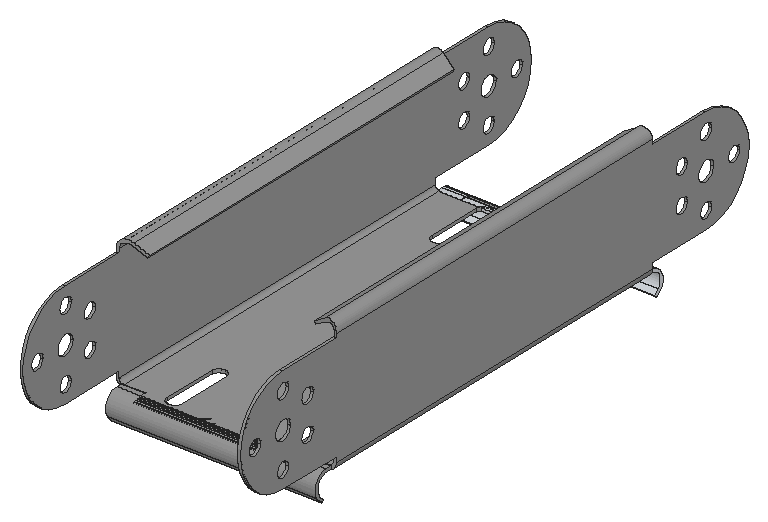
Revit family "Gelenkbogen-Element RGBEV 610FT", category Generic Models, Revit 2017
Family settings
  Can host rebar = No
  Round Connector Dimension = Use Diameter
  Part Type = Normal
  Work Plane-Based = No
  Always vertical = Yes
  Cut with Voids When Loaded = No
  Shared = No
  Room Calculation Point = No
Parameters (values of type "RGBEV 610 FT")
  URL = "http://www.obo-bettermann.com"
  Material = Hot dip galvanised
  Manufacturer Art.No. = "7075103"
  Manufacturer = "OBO BETTERMANN"
  GTIN = "4012196228072"
  Article Type = "RGBEV 610 FT"
Reference planes
  plane 1 "Center (Front/Back)": y = 0
  plane 2: z = 0
  plane 3 "Center (Left/Right)": x = 0
  plane 4: x = -37.5
  plane 5: x = 37.5
  plane 6: y = 288
  plane 7: z = 30
  plane 8: z = 60
  plane 9: y = 54.5
  plane 10: y = 144
  plane 11: z = 6
  plane 12: z = 54
  plane 13: y = 24
  plane 14: z = 2.735
  plane 15: y = 144
  plane 16: z = 30
  plane 17: z = 60
  plane 18: y = 233.5
  plane 19: y = 144
  plane 20: z = 6
  plane 21: z = 54
  plane 22: y = 264
  plane 23: z = 2.735
  plane 24: y = 54.728
  plane 25: y = 233.5
  plane 26: y = 253.1
  plane 27: y = 34.9
  plane 28: x = -36.771
  plane 29: x = 47.5
  plane 30: z = -11.2
  plane 31: y = 242.5
  plane 32: y = 45.5
  plane 33: z = -11.2
  plane 34: z = -11.2
  plane 35: y = 45.5
  plane 36: y = 242.5
  plane 37: z = -11.2
  plane 38: x = -25
  plane 39: x = 25
  plane 40: y = 69
  plane 41: y = 81.5
  plane 42: y = 56.5
  plane 43: y = 81.5
  plane 44: y = 56.5
  plane 45: y = 206.5
  plane 46: y = 231.5
  plane 47: y = 206.5
  plane 48: y = 231.5
  plane 49: z = 30
  plane 50: y = 24
  plane 51: y = 261.965
  plane 52: z = 30
  plane 53: y = 264
  plane 54: y = 26.035
  plane 55: z = 30
  plane 56: y = 24
  plane 57: z = 30
  plane 58: y = 264
Forms (mm)
  Extrusion 1, solid, material "Hot dip galvanised" <- "Material"
    sketch origin (0, 0, 0) x (1, 0, 0) y (0, 0, 1)
      loop
        line (-48.7, 3.3) -> (-48.7, 56)
        arc (-48.7, 56) -> (-47.183, 58.427) -> (-44.337, 58.127) r 2.7
        line (-44.337, 58.127) -> (-38.189, 54.285) -> (-37.5, 55.388) -> (-43.596, 59.197)
        arc (-43.596, 59.197) -> (-47.787, 59.579) -> (-50, 56) r 4
        line (-50, 56) -> (-50, 3.3)
        arc (-50, 3.3) -> (-49.033, 0.967) -> (-46.7, 0) r 3.3
        line (-46.7, 0) -> (46.7, 0)
        arc (46.7, 0) -> (49.033, 0.967) -> (50, 3.3) r 3.3
        line (50, 3.3) -> (50, 56)
        arc (50, 56) -> (47.908, 59.515) -> (43.821, 59.354) r 4
        line (43.821, 59.354) -> (37.5, 55.248) -> (38.208, 54.158) -> (44.529, 58.264)
        arc (44.529, 58.264) -> (47.288, 58.373) -> (48.7, 56) r 2.7
        line (48.7, 56) -> (48.7, 3.3)
        arc (48.7, 3.3) -> (48.114, 1.886) -> (46.7, 1.3) r 2
        line (46.7, 1.3) -> (-46.7, 1.3)
        arc (-46.7, 1.3) -> (-48.114, 1.886) -> (-48.7, 3.3) r 2
    from 0 to -288
  Extrusion 2, void
    sketch origin (0, 0, 0) x (0, 1, 0) y (0, 0, 1)
      loop
        line (24, 54) -> (54.474, 54) -> (54.474, 60) -> (-0.967, 60) -> (-0.967, 0) -> (54.5, 0) -> (54.5, 6) -> (24, 6)
        arc (24, 6) -> (0, 30) -> (24, 54) r 24
    from 37.165 to 50
  Extrusion 3, void
    sketch origin (0, 0, 0) x (1, 0, 0) y (0, 1, 0)
      loop
        line (37.5, 57.824) -> (37.5, 54.5) -> (50, 54.5) -> (37.5, 57.824)
    from 49.366 to 60
  Extrusion 4, void
    sketch origin (0, 0, 0) x (0, 1, 0) y (0, 0, 1)
      loop
        line (54.5, 0) -> (54.5, 6) -> (24, 6)
        arc (24, 6) -> (0, 30) -> (24, 54) r 24
        line (24, 54) -> (54.474, 54) -> (54.474, 60.117) -> (-1.44, 60.117) -> (-1.44, 0) -> (54.5, 0)
    from -36.771 to -50
  Extrusion 5, void
    sketch origin (0, 0, 0) x (1, 0, 0) y (0, 1, 0)
      loop
        line (-50, 54.5) -> (-37.5, 54.5) -> (-37.5, 57.849) -> (-50, 54.5)
    from 60 to 49.543
  Extrusion 6, void
    sketch origin (0, 288, 0) x (0, -1, 0) y (0, 0, -1)
      loop
        arc (24, -54) -> (0, -30) -> (24, -6) r 24
        line (24, -6) -> (54.5, -6) -> (54.5, 0) -> (-0.967, 0) -> (-0.967, -60) -> (54.474, -60) -> (54.474, -54) -> (24, -54)
    from 37.165 to 50
  Extrusion 7, void
    sketch origin (0, 288, 0) x (0, -1, 0) y (0, 0, -1)
      loop
        line (54.5, 0) -> (-1.44, 0) -> (-1.44, -60.117) -> (54.474, -60.117) -> (54.474, -54) -> (24, -54)
        arc (24, -54) -> (0, -30) -> (24, -6) r 24
        line (24, -6) -> (54.5, -6) -> (54.5, 0)
    from -36.771 to -50
  Extrusion 8, void
    sketch origin (0, 0, 0) x (1, 0, 0) y (0, 1, 0)
      loop
        line (-50, 233.5) -> (-37.5, 230.151) -> (-37.5, 233.5) -> (-50, 233.5)
    from 60 to 49.366
  Extrusion 9, void
    sketch origin (0, 0, 0) x (1, 0, 0) y (0, 1, 0)
      loop
        line (-36.771, 253.1) -> (37.165, 253.1) -> (37.165, 288) -> (-36.771, 288) -> (-36.771, 253.1)
      loop
        line (-36.771, 34.9) -> (-36.771, 0) -> (37.165, 0) -> (37.165, 34.9) -> (-36.771, 34.9)
    from 1.3 to 0
  Extrusion 10, solid
    sketch origin (0, 0, 0) x (-1, 0, 0) y (0, -1, 0)
      loop
        line (36.771, -253.1) -> (47.5, -253.1) -> (47.5, -233.5) -> (36.771, -233.5) -> (36.771, -253.1)
    from 1.3 to 0
  Extrusion 11, solid
    sketch origin (0, 0, 0) x (0, 1, 0) y (0, 0, 1)
      loop
        line (233.5, 0) -> (235.957, 0)
        arc (235.957, 0) -> (240.602, -2.811) -> (240.266, -8.23) r 5.243
        line (240.266, -8.23) -> (238.205, -10.291) -> (239.076, -11.162) -> (241.468, -8.77)
        arc (241.468, -8.77) -> (241.696, -2.102) -> (235.957, 1.3) r 6.543
        line (235.957, 1.3) -> (233.5, 1.3) -> (233.5, 0)
    from 47.5 to -47.5
  Extrusion 12, void
    sketch origin (0, 0, 0) x (0, 1, 0) y (0, 0, 1)
      loop
        arc (235.957, 1.3) -> (238.019, 0.967) -> (239.871, 0) r 6.543
        line (239.871, 0) -> (253.1, 0) -> (253.1, 1.3) -> (235.957, 1.3)
    from 47.5 to -47.5
  Extrusion 13, void
    sketch origin (0, 288, 0) x (0, -1, 0) y (0, 0, -1)
      loop
        line (235.957, -1.3) -> (253.1, -1.3) -> (253.1, 0) -> (239.871, 0)
        arc (239.871, 0) -> (238.019, -0.967) -> (235.957, -1.3) r 6.543
    from 47.5 to -47.5
  Extrusion 14, solid, material "Hot dip galvanised" <- "Material"
    sketch origin (0, 288, 0) x (0, -1, 0) y (0, 0, -1)
      loop
        line (233.5, 0) -> (233.5, -1.3) -> (235.957, -1.3)
        arc (235.957, -1.3) -> (241.696, 2.102) -> (241.468, 8.77) r 6.543
        line (241.468, 8.77) -> (239.076, 11.162) -> (238.205, 10.291) -> (240.266, 8.23)
        arc (240.266, 8.23) -> (240.602, 2.811) -> (235.957, 0) r 5.243
        line (235.957, 0) -> (233.5, 0)
    from 47.5 to -47.5
  Extrusion 15, void
    sketch origin (0, 0, 0) x (1, 0, 0) y (0, 1, 0)
      loop
        arc (21.5, 56.5) -> (25, 53) -> (28.5, 56.5) r 3.5
        line (28.5, 56.5) -> (28.5, 81.5)
        arc (28.5, 81.5) -> (25, 85) -> (21.5, 81.5) r 3.5
        line (21.5, 81.5) -> (21.5, 56.5)
    from 1.3 to 0
  Extrusion 16, void
    sketch origin (0, 0, 0) x (-1, 0, 0) y (0, -1, 0)
      loop
        line (21.5, -56.5) -> (21.5, -81.5)
        arc (21.5, -81.5) -> (25, -85) -> (28.5, -81.5) r 3.5
        line (28.5, -81.5) -> (28.5, -56.5)
        arc (28.5, -56.5) -> (25, -53) -> (21.5, -56.5) r 3.5
    from 1.3 to 0
  Extrusion 17, void
    sketch origin (0, 288, 0) x (1, 0, 0) y (0, 1, 0)
      loop
        line (21.5, -56.5) -> (21.5, -81.5)
        arc (21.5, -81.5) -> (25, -85) -> (28.5, -81.5) r 3.5
        line (28.5, -81.5) -> (28.5, -56.5)
        arc (28.5, -56.5) -> (25, -53) -> (21.5, -56.5) r 3.5
    from 1.3 to 0
  Extrusion 18, void
    sketch origin (0, 288, 0) x (-1, 0, 0) y (0, -1, 0)
      loop
        arc (21.5, 56.5) -> (25, 53) -> (28.5, 56.5) r 3.5
        line (28.5, 56.5) -> (28.5, 81.5)
        arc (28.5, 81.5) -> (25, 85) -> (21.5, 81.5) r 3.5
        line (21.5, 81.5) -> (21.5, 56.5)
    from 1.3 to 0
  Extrusion 19, void
    sketch origin (0, 0, 0) x (0, 1, 0) y (0, 0, 1)
      loop
        circle (24, 30) r 4.5
      loop
        circle (24, 46) r 3.5
      loop
        circle (24, 14) r 3.495
      loop
        circle (8, 30) r 3.458
      loop
        circle (37.856, 38) r 3.482
      loop
        circle (37.856, 22) r 3.457
    from -48.7 to -50
  Extrusion 20, void
    sketch origin (0, 288, 0) x (0, -1, 0) y (0, 0, -1)
      loop
        circle (24, -30) r 4.5
      loop
        circle (24, -46) r 3.5
      loop
        circle (24, -14) r 3.495
      loop
        circle (8, -30) r 3.458
      loop
        circle (37.856, -38) r 3.482
      loop
        circle (37.856, -22) r 3.457
    from -48.7 to -50
  Extrusion 21, void
    sketch origin (0, 0, 0) x (0, 1, 0) y (0, 0, 1)
      loop
        circle (24, 30) r 4.5
      loop
        circle (24, 45.994) r 3.537
      loop
        circle (8.006, 30) r 3.467
      loop
        circle (24, 14.006) r 3.464
      loop
        circle (37.851, 37.997) r 3.5
      loop
        circle (37.851, 22.003) r 3.45
    from 48.7 to 50
  Extrusion 22, void
    sketch origin (0, 288, 0) x (0, -1, 0) y (0, 0, -1)
      loop
        circle (24, -30) r 4.5
      loop
        circle (24, -45.994) r 3.537
      loop
        circle (8.006, -30) r 3.467
      loop
        circle (24, -14.006) r 3.464
      loop
        circle (37.851, -37.997) r 3.5
      loop
        circle (37.851, -22.003) r 3.45
    from 48.7 to 50
Cuts and joins
  Extrusion 2, Extrusion 3, Extrusion 4, Extrusion 5, Extrusion 6, Extrusion 7, Extrusion 8, Extrusion 9, Extrusion 12, Extrusion 13, Extrusion 15, Extrusion 16, Extrusion 17, Extrusion 18, Extrusion 19, Extrusion 20, Extrusion 21, Extrusion 22 cuts Extrusion 1
  Extrusion 12, Extrusion 13 cuts Extrusion 10
  Extrusion 12, Extrusion 13 cuts Extrusion 11
  Extrusion 15, Extrusion 16, Extrusion 17, Extrusion 18 cuts Extrusion 14
Dimensions and locks
  locked: plane 4 to Extrusion 1 sketch curve at 12.5
  locked: Extrusion 1 sketch curve to plane 5 at 12.5
  locked: Extrusion 1 sketch curve to Extrusion 1 sketch curve at 60  (x2)
  locked: Extrusion 1 sketch curve to Extrusion 1 sketch curve at 12.5  (x2)
  locked: Extrusion 1 sketch curve to Extrusion 1 sketch curve at 1.3  (x5)
  locked: plane 1 "Center (Front/Back)" to plane 6 at 288
  locked: plane 8 to level at 60
  locked: plane 8 to plane 7 at 30
  locked: plane 1 "Center (Front/Back)" to plane 10 at 144
  locked: plane 12 to plane 7 at 24
  locked: plane 1 "Center (Front/Back)" to plane 15 at 144
  locked: plane 17 to plane 16 at 30
  locked: plane 21 to plane 16 at 24
  plane 24 to plane 25 = 178.772 mm
  locked: plane 15 to plane 27 at 109.1
  locked: plane 26 to plane 15 at 109.1
  locked: plane 3 "Center (Left/Right)" to plane 29 at 47.5
  locked: plane 15 to plane 31 at 98.5
  locked: plane 32 to plane 15 at 98.5
  locked: cut or joined group 1 (Extrusion 1, Extrusion 2, Extrusion 3, Extrusion 4, Extrusion 5, Extrusion 6, Extrusion 7, Extrusion 8, Extrusion 9, Extrusion 12, Extrusion 13, Extrusion 15, Extrusion 16, Extrusion 17, Extrusion 18, Extrusion 19, Extrusion 20, Extrusion 21, Extrusion 22) to Extrusion 11 sketch curve at 9
  locked: Extrusion 11 sketch curve to Extrusion 11 sketch curve at 1.232
  locked: Extrusion 14 sketch curve to Extrusion 14 sketch curve at 1.232
  locked: plane 15 to plane 40 at 75
  locked: Extrusion 15 sketch curve to Extrusion 15 sketch curve at 7
  locked: Extrusion 15 sketch curve to plane 39 at 3.5
  locked: Extrusion 16 sketch curve to Extrusion 16 sketch curve at 7
  locked: Extrusion 17 sketch curve to Extrusion 17 sketch curve at 7
  locked: Extrusion 18 sketch curve to Extrusion 18 sketch curve at 7
  locked: plane 49 to cut or joined group 1 at 24
  locked: plane 50 to plane 15 at 120
  locked: plane 50 to Extrusion 19 sketch curve at 0
  plane 50 to Extrusion 19 sketch curve = 4.5 mm
  locked: plane 53 to Extrusion 20 sketch curve at 0
  plane 53 to Extrusion 20 sketch curve = 4.5 mm
  locked: plane 55 to cut or joined group 1 at 24
  locked: plane 56 to plane 15 at 120
  aligned and locked: level to plane 2
  aligned and locked: Extrusion 1 to level
  aligned and locked: plane 6 to Extrusion 1
  aligned and locked: plane 1 "Center (Front/Back)" to Extrusion 1
  aligned and locked: plane 12 to Extrusion 2 sketch curve
  aligned and locked: Extrusion 2 sketch curve to plane 8
  aligned and locked: Extrusion 3 to Extrusion 2
  aligned and locked: Extrusion 4 sketch curve to level
  aligned and locked: Extrusion 4 to Extrusion 1
  aligned and locked: plane 21 to Extrusion 6 sketch curve
  aligned and locked: Extrusion 6 sketch curve to plane 17
  aligned and locked: Extrusion 8 sketch curve to cut or joined group 1
  aligned and locked: Extrusion 2 to Extrusion 8
  aligned and locked: Extrusion 8 to Extrusion 3
  aligned and locked: Extrusion 1 to Extrusion 9
  aligned and locked: Extrusion 9 to level
  aligned and locked: plane 28 to Extrusion 10 sketch curve
  aligned and locked: Extrusion 10 sketch curve to plane 25
  aligned and locked: plane 26 to Extrusion 10 sketch curve
  aligned and locked: Extrusion 1 to Extrusion 15
  aligned and locked: Extrusion 15 to level
  aligned and locked: Extrusion 1 to Extrusion 19  (x2)
  aligned and locked: Extrusion 1 to Extrusion 21  (x2)
Automatic sketch dimensions
  Extrusion 1 sketch curve to Extrusion 1 sketch curve = 0 mm  (x8)
  Extrusion 1 sketch curve to level = 0 mm
  Extrusion 1 sketch curve to Extrusion 1 sketch curve = 2 mm
  Extrusion 1 sketch curve to Extrusion 1 sketch curve = 2.7 mm
  Extrusion 1 sketch curve to Extrusion 1 sketch curve = 1.663 mm
  level to Extrusion 1 sketch curve = 59.197 mm
  plane 5 to Extrusion 1 sketch curve = 0.708 mm
  Extrusion 1 sketch curve to plane 29 = 3.679 mm
  Extrusion 1 sketch curve to Extrusion 1 sketch curve = 0.708 mm
  Extrusion 1 sketch curve to plane 29 = 1.5 mm
  Extrusion 1 sketch curve to plane 29 = 0.8 mm
  Extrusion 2 sketch curve to level = 0 mm
  plane 11 to Extrusion 2 sketch curve = 0 mm
  Extrusion 2 sketch curve to plane 13 = 0 mm
  Extrusion 2 sketch curve to plane 9 = 0 mm
  plane 1 "Center (Front/Back)" to Extrusion 2 sketch curve = 0.967 mm
  Extrusion 2 sketch curve to plane 9 = 0.026 mm
  Extrusion 3 sketch curve to plane 24 = 0.228 mm
  Extrusion 3 sketch curve to plane 29 = 10 mm
  plane 29 to Extrusion 3 sketch curve = 2.5 mm
  plane 24 to Extrusion 3 sketch curve = 3.096 mm
  plane 1 "Center (Front/Back)" to Extrusion 4 sketch curve = 1.44 mm
  Extrusion 4 sketch curve to plane 27 = 10.9 mm
  Extrusion 4 sketch curve to plane 24 = 0.253 mm
  Extrusion 4 sketch curve to plane 24 = 0.228 mm
  level to Extrusion 4 sketch curve = 6 mm
  Extrusion 4 sketch curve to Extrusion 4 sketch curve = 24 mm
  Extrusion 4 sketch curve to Extrusion 4 sketch curve = 6.117 mm
  Extrusion 5 sketch curve to plane 24 = 0.228 mm
  Extrusion 5 sketch curve to plane 28 = 13.229 mm
  Extrusion 5 sketch curve to plane 28 = 0.729 mm
  plane 24 to Extrusion 5 sketch curve = 3.122 mm
  Extrusion 6 sketch curve to level = 0 mm
  Extrusion 6 sketch curve to plane 20 = 0 mm
  Extrusion 6 sketch curve to plane 22 = 0 mm
  Extrusion 6 sketch curve to plane 18 = 0 mm
  Extrusion 6 sketch curve to plane 6 = 0.967 mm
  plane 18 to Extrusion 6 sketch curve = 0.026 mm
  Extrusion 7 sketch curve to level = 0 mm
  Extrusion 7 sketch curve to plane 25 = 0 mm
  Extrusion 7 sketch curve to plane 25 = 0.026 mm
  Extrusion 7 sketch curve to level = 6 mm
  Extrusion 7 sketch curve to plane 26 = 10.9 mm
  Extrusion 7 sketch curve to plane 6 = 1.44 mm
  Extrusion 7 sketch curve to Extrusion 7 sketch curve = 24 mm
  Extrusion 7 sketch curve to Extrusion 7 sketch curve = 6.117 mm
  Extrusion 8 sketch curve to plane 28 = 13.229 mm
  Extrusion 8 sketch curve to plane 28 = 0.729 mm
  Extrusion 8 sketch curve to plane 25 = 3.349 mm
  Extrusion 9 sketch curve to plane 26 = 0 mm
  Extrusion 9 sketch curve to plane 28 = 0 mm  (x2)
  plane 1 "Center (Front/Back)" to Extrusion 9 sketch curve = 0 mm
  Extrusion 9 sketch curve to plane 27 = 0 mm
  Extrusion 9 sketch curve to plane 6 = 0 mm
  Extrusion 9 sketch curve to plane 29 = 10.335 mm  (x2)
  plane 28 to Extrusion 10 sketch curve = 10.729 mm
  Extrusion 11 sketch curve to Extrusion 11 sketch curve = 0 mm  (x2)
  Extrusion 11 sketch curve to plane 25 = 0 mm
  Extrusion 11 sketch curve to level = 0 mm
  Extrusion 11 sketch curve to Extrusion 11 sketch curve = 2.457 mm
  plane 30 to Extrusion 11 sketch curve = 0.909 mm
  plane 25 to Extrusion 11 sketch curve = 4.705 mm
  plane 30 to Extrusion 11 sketch curve = 0.038 mm
  Extrusion 11 sketch curve to plane 31 = 2.234 mm
  Extrusion 12 sketch curve to level = 0 mm
  Extrusion 12 sketch curve to plane 26 = 0 mm
  plane 25 to Extrusion 12 sketch curve = 6.371 mm
  plane 25 to Extrusion 12 sketch curve = 2.457 mm
  Extrusion 12 sketch curve to level = 5.243 mm
  Extrusion 13 sketch curve to level = 0 mm
  Extrusion 13 sketch curve to plane 27 = 0 mm
  plane 24 to Extrusion 13 sketch curve = 6.599 mm
  plane 24 to Extrusion 13 sketch curve = 2.685 mm
  level to Extrusion 13 sketch curve = 5.243 mm
  Extrusion 14 sketch curve to Extrusion 14 sketch curve = 0 mm  (x2)
  Extrusion 14 sketch curve to level = 0 mm
  plane 24 to Extrusion 14 sketch curve = 0.228 mm
  Extrusion 14 sketch curve to Extrusion 14 sketch curve = 2.457 mm
  Extrusion 14 sketch curve to plane 34 = 0.909 mm
  plane 24 to Extrusion 14 sketch curve = 4.933 mm
  Extrusion 14 sketch curve to plane 34 = 0.038 mm
  plane 35 to Extrusion 14 sketch curve = 2.234 mm
  plane 35 to Extrusion 14 sketch curve = 1.032 mm
  Extrusion 15 sketch curve to plane 42 = 0 mm
  plane 41 to Extrusion 15 sketch curve = 0 mm
  Extrusion 16 sketch curve to plane 44 = 0 mm
  Extrusion 16 sketch curve to plane 43 = 0 mm
  Extrusion 16 sketch curve to plane 38 = 0 mm
  plane 46 to Extrusion 17 sketch curve = 0 mm
  plane 45 to Extrusion 17 sketch curve = 0 mm
  Extrusion 17 sketch curve to plane 39 = 0 mm
  plane 48 to Extrusion 18 sketch curve = 0 mm
  plane 47 to Extrusion 18 sketch curve = 0 mm
  Extrusion 18 sketch curve to plane 38 = 0 mm
  Extrusion 19 sketch curve to plane 49 = 0 mm  (x2)
  Extrusion 19 sketch curve to plane 50 = 0 mm  (x2)
  Extrusion 19 sketch curve to plane 1 "Center (Front/Back)" = 8 mm
  plane 27 to Extrusion 19 sketch curve = 2.956 mm  (x2)
  Extrusion 19 sketch curve to plane 49 = 8 mm
  level to Extrusion 19 sketch curve = 14 mm
  plane 49 to Extrusion 19 sketch curve = 8 mm
  Extrusion 19 sketch curve to Extrusion 19 sketch curve = 16 mm
  Extrusion 20 sketch curve to plane 52 = 0 mm  (x2)
  Extrusion 20 sketch curve to plane 53 = 0 mm  (x2)
  plane 6 to Extrusion 20 sketch curve = 8 mm
  plane 26 to Extrusion 20 sketch curve = 2.956 mm  (x2)
  plane 52 to Extrusion 20 sketch curve = 8 mm
  Extrusion 20 sketch curve to level = 14 mm
  Extrusion 20 sketch curve to plane 52 = 8 mm
  Extrusion 20 sketch curve to Extrusion 20 sketch curve = 16 mm
  Extrusion 21 sketch curve to plane 55 = 0 mm  (x2)
  Extrusion 21 sketch curve to plane 56 = 0 mm  (x3)
  Extrusion 21 sketch curve to plane 1 "Center (Front/Back)" = 8.006 mm
  plane 27 to Extrusion 21 sketch curve = 2.951 mm  (x2)
  Extrusion 21 sketch curve to plane 55 = 7.997 mm
  level to Extrusion 21 sketch curve = 14.006 mm
  plane 55 to Extrusion 21 sketch curve = 7.997 mm
  Extrusion 21 sketch curve to Extrusion 21 sketch curve = 15.994 mm
  Extrusion 22 sketch curve to plane 57 = 0 mm  (x2)
  Extrusion 22 sketch curve to plane 58 = 0 mm  (x3)
  plane 6 to Extrusion 22 sketch curve = 8.006 mm
  plane 26 to Extrusion 22 sketch curve = 2.951 mm  (x2)
  plane 57 to Extrusion 22 sketch curve = 7.997 mm
  Extrusion 22 sketch curve to level = 14.006 mm
  Extrusion 22 sketch curve to plane 57 = 7.997 mm
  Extrusion 22 sketch curve to Extrusion 22 sketch curve = 15.994 mm
  radius of Extrusion 19 sketch curve = 3.5 mm
  radius of Extrusion 19 sketch curve = 3.495 mm
  radius of Extrusion 19 sketch curve = 3.458 mm
  radius of Extrusion 19 sketch curve = 3.482 mm
  radius of Extrusion 19 sketch curve = 3.457 mm
  radius of Extrusion 20 sketch curve = 3.5 mm
  radius of Extrusion 20 sketch curve = 3.495 mm
  radius of Extrusion 20 sketch curve = 3.458 mm
  radius of Extrusion 20 sketch curve = 3.482 mm
  radius of Extrusion 20 sketch curve = 3.457 mm
  radius of Extrusion 21 sketch curve = 4.5 mm
  radius of Extrusion 21 sketch curve = 3.537 mm
  radius of Extrusion 21 sketch curve = 3.467 mm
  radius of Extrusion 21 sketch curve = 3.464 mm
  radius of Extrusion 21 sketch curve = 3.5 mm
  radius of Extrusion 21 sketch curve = 3.45 mm
  radius of Extrusion 22 sketch curve = 4.5 mm
  radius of Extrusion 22 sketch curve = 3.537 mm
  radius of Extrusion 22 sketch curve = 3.467 mm
  radius of Extrusion 22 sketch curve = 3.464 mm
  radius of Extrusion 22 sketch curve = 3.5 mm
  radius of Extrusion 22 sketch curve = 3.45 mm
